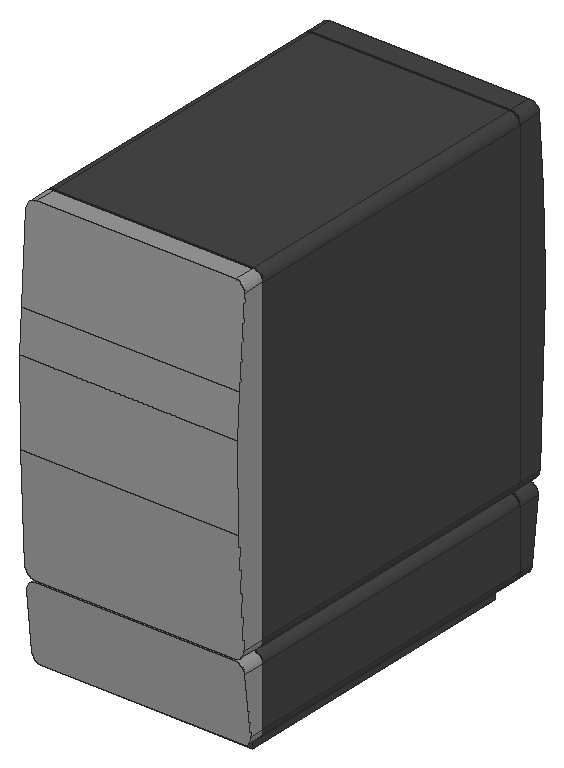
Revit family "Franke_Under_table_refrigerator_UT05_EC-A600_MS_EC_A600_FM_EC_A800_FM_EC(JP)", category Specialty Equipment, Revit 2015
Parameters (values of type "Under table refrigerator UT05 EC-A600 MS EC,A600 FM EC,A800 FM EC(100V/JP)")
  Volts max. = 0 V
  URL = "https://www.franke.com/main/en/cs/products/product-search.html"
  Max Overcurrent Protection = "-"
  Depth (mm) = 475 mm
  Temperature range = "+ 3° to + 8°"
  Volts min. = 100 V
  Cycle Alternative = 60 Hz
  Cycle = 50 Hz
  Model = "410879 - Under table refrigerator UT05 EC - A600 MS EC, A600 FM EC, A800 FM EC"
  Milk storage = "5 l"
  Current consumption = 1.65 A
  Cost = 0
  Height (mm) = 544 mm
  Manufacturer = "Franke"
  Energy loss acc. to DIN 18873 = "0.638 kWh/24 h - 230 V"
  Width (mm) = 270 mm
  Description = "key module Under table refrigerator UT05 for storage of cooled milk"
  Assembly Code = "key module Under table refrigerator UT05"
  Keynote = "key module Under table refrigerator UT05"
  Weight = "18 kg"
  Number of Poles = 1
  Number of Protective Conductors = "1"
  Number of Nutral Conductors = "1"
Reference planes
  plane 1 "Mitte (Vorne/Hinten)": y = 0
  plane 2: z = 0
  plane 3 "Mitte (Links/Rechts)": x = 0
Forms (mm)
  Extrusion 1, solid, material "Franke Black"
    sketch origin (0, 0, -42) x (1, 0, 0) y (0, 0, 1)
      loop
        line (123, 586) -> (-123, 586)
        arc (-123, 586) -> (-131.485, 582.485) -> (-135, 574) r 12
        line (-135, 574) -> (-135, 178)
        arc (-135, 178) -> (-131.485, 169.515) -> (-123, 166) r 12
        line (-123, 166) -> (123, 166)
        arc (123, 166) -> (131.485, 169.515) -> (135, 178) r 12
        line (135, 178) -> (135, 574)
        arc (135, 574) -> (131.485, 582.485) -> (123, 586) r 12
      loop
        arc (-135, 78) -> (-131.485, 69.515) -> (-123, 66) r 12
        line (-123, 66) -> (123, 66)
        arc (123, 66) -> (131.485, 69.515) -> (135, 78) r 12
        line (135, 78) -> (135, 151)
        arc (135, 151) -> (131.485, 159.485) -> (123, 163) r 12
        line (123, 163) -> (-123, 163)
        arc (-123, 163) -> (-131.485, 159.485) -> (-135, 151) r 12
        line (-135, 151) -> (-135, 78)
    from -198.03 to 198.03
  Extrusion 2, solid, material "Franke Black"
    sketch origin (0, 0, -42) x (1, 0, 0) y (0, 0, 1)
      loop
        line (-114, 66) -> (-114, 46) -> (114, 46) -> (114, 66) -> (-114, 66)
    from -186.97 to 188.03
  Extrusion 3, solid, material "Franke Anthracite"
    sketch origin (0, 0, -42) x (0, 1, 0) y (0, 0, 1)
      loop
        line (-199.53, 586) -> (-226.03, 586)
        arc (-226.03, 586) -> (-230.318, 527.256) -> (-234.387, 468.497) r 15843.742
        arc (-234.387, 468.497) -> (-235.812, 442.176) -> (-236.543, 415.826) r 1000
        arc (-236.543, 415.826) -> (-236.783, 362.852) -> (-235.96, 309.883) r 2640.505
        arc (-235.96, 309.883) -> (-232.928, 237.872) -> (-227.52, 166) r 2182.336
        line (-227.52, 166) -> (-199.53, 166) -> (-199.53, 586)
      loop
        arc (-227.242, 163) -> (-222.173, 114.438) -> (-216.03, 66) r 2207.212
        line (-216.03, 66) -> (-199.53, 66) -> (-199.53, 163) -> (-227.242, 163)
    from -135 to 135
  Extrusion 4, solid, material "Franke Black"
    sketch origin (0, 0, -42) x (1, 0, 0) y (0, 0, 1)
      loop
        line (-120, 576) -> (-120, 66) -> (120, 66) -> (120, 576) -> (-120, 576)
    from 198.03 to 199.53
  Extrusion 5, solid, material "Franke Black"
    sketch origin (0, 397.56, -42) x (1, 0, 0) y (0, 0, 1)
      loop
        line (-120, 576) -> (-120, 66) -> (120, 66) -> (120, 576) -> (-120, 576)
    from 198.03 to 199.53
  Extrusion 6, solid, material "Franke Black"
    sketch origin (0, 0, -42) x (1, 0, 0) y (0, 1, 0)
      loop
        line (-107.5, 117.97) -> (-107.5, 96.52) -> (-90.75, 96.52) -> (-90.75, 117.97) -> (-107.5, 117.97)
      loop
        line (90.75, 117.97) -> (90.75, 96.52) -> (107.5, 96.52) -> (107.5, 117.97) -> (90.75, 117.97)
      loop
        line (90.75, -97.58) -> (90.75, -119.03) -> (107.5, -119.03) -> (107.5, -97.58) -> (90.75, -97.58)
      loop
        line (-107.5, -97.58) -> (-107.5, -119.03) -> (-90.75, -119.03) -> (-90.75, -97.58) -> (-107.5, -97.58)
    from 42 to 46
  Extrusion 7, solid, material "Franke Black"
    sketch origin (0, 0, -42) x (0, 1, 0) y (0, 0, 1)
      loop
        line (228.03, 586) -> (199.53, 586) -> (199.53, 166) -> (227.909, 166)
        arc (227.909, 166) -> (234.785, 268.409) -> (237.114, 371.022) r 2314.482
        arc (237.114, 371.022) -> (237.115, 384.228) -> (237.104, 397.434) r 15169.055
        arc (237.104, 397.434) -> (236.381, 442.975) -> (234.325, 488.477) r 1555
        arc (234.325, 488.477) -> (231.291, 537.246) -> (228.03, 586) r 10528.092
      loop
        line (199.53, 66) -> (216.03, 66)
        arc (216.03, 66) -> (222.776, 114.386) -> (227.62, 163) r 1246.054
        line (227.62, 163) -> (199.53, 163) -> (199.53, 66)
    from -135 to 135
  Extrusion 8, void
    sketch origin (0, 0, -42) x (1, 0, 0) y (0, 0, 1)
      loop
        line (-123, 586) -> (-123, 596) -> (-145, 596) -> (-145, 574) -> (-135, 574)
        arc (-135, 574) -> (-131.485, 582.485) -> (-123, 586) r 12
      loop
        arc (123, 586) -> (131.485, 582.485) -> (135, 574) r 12
        line (135, 574) -> (145, 574) -> (145, 596) -> (123, 596) -> (123, 586)
      loop
        arc (-123, 166) -> (-131.485, 169.515) -> (-135, 178) r 12
        line (-135, 178) -> (-145, 178) -> (-145, 151) -> (-135, 151)
        arc (-135, 151) -> (-131.485, 159.485) -> (-123, 163) r 12
        line (-123, 163) -> (-123, 166)
      loop
        line (123, 66) -> (123, 56) -> (145, 56) -> (145, 78) -> (135, 78)
        arc (135, 78) -> (131.485, 69.515) -> (123, 66) r 12
      loop
        arc (-123, 66) -> (-131.485, 69.515) -> (-135, 78) r 12
        line (-135, 78) -> (-145, 78) -> (-145, 56) -> (-123, 56) -> (-123, 66)
      loop
        line (123, 166) -> (123, 163)
        arc (123, 163) -> (131.485, 159.485) -> (135, 151) r 12
        line (135, 151) -> (145, 151) -> (145, 178) -> (135, 178)
        arc (135, 178) -> (131.485, 169.515) -> (123, 166) r 12
    from -299.15 to 303.805
  Extrusion 9, void
    sketch origin (0, 0, -42) x (1, 0, 0) y (0, 1, 0)
      loop
        circle (-92.468, -167.051) r 16
      loop
        circle (92.468, -167.051) r 16
      loop
        circle (-92.468, 165.957) r 16
      loop
        circle (92.468, 165.957) r 16
    from 24.233 to 51
  Extrusion 10, solid, material "Franke Chrome"
    sketch origin (0, 0, 0) x (1, 0, 0) y (0, 1, 0)
      loop
        circle (0, 132.477) r 2.5
    from 0 to 4
Cuts and joins
  Extrusion 9 cuts Extrusion 2
  Extrusion 8 cuts Extrusion 3
  Extrusion 8 cuts Extrusion 7
Dimensions and locks
  aligned and locked: level to plane 2
Connectors
  electrical at (0, 132.477, 4), driven by "Number of Poles", driven by "Volts min."
    settings: on Extrusion 10, index 1, voltage 100 V, apparent load 0 VA, apparent load phase1 0 VA, apparent load phase2 0 VA, apparent load phase3 0 VA, power factor 1, load classification "Strom", number of poles 1, system type 31, power factor state 1, is connector primary yes, connector utility no, sub classification motor no, connector description ""
